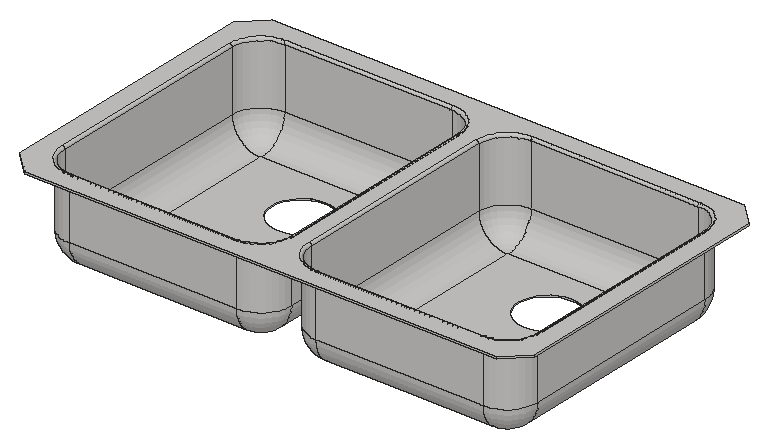
Revit family "Sink-Undermount-Acorn-DUADA-3118-55_Series", category Plumbing Fixtures, host Face, Revit 2019
Family settings
  Host = Face
  Round Connector Dimension = Use Diameter
  Part Type = Normal
  OmniClass Number = 23.45.05.14.14
  OmniClass Title = Sinks/Lavatories
  Cut with Voids When Loaded = No
  Shared = Yes
  Room Calculation Point = No
Parameters (values of type "DUADA-3118-55")
  Width = 30 3/4"  # constant formula
  Waste Connection = no
  WFU = 4  # constant formula
  Vent Connection = no
  URL = "https://www.acorneng.com/home"
  Type Comments = ""
  Product Page URL = ""
  Product Documentation Link = ""
  Model = "DUADA-3118-55"
  Material = "Stainless Steel-Acorn-Satin"  # constant formula
  Manufacturer = "Acorn"
  Length = 18 1/2"  # constant formula
  Installation Type = "Wall Mounted"
  Height = 5 1/2"  # constant formula
  HWFU = 3  # constant formula
  HW Connection = no
  Finish = Stainless Steel-Acorn-Satin
  Drain Opening Size = 3 1/2"
  Description = "Stainless Steel Undermount Sink"
  Default Elevation = 34"
  Creation Date = "23/12/2023"  # constant formula
  Compliance Certifications = "ASME A112.19.3/CSA B45.4, IAPMO® Certified"
  CWFU = 3  # constant formula
  CW Connection = no
  Bowl Width = 13 1/2"  # constant formula
  Bowl Length = 16"  # constant formula
  Assembly Code = "D2010440"
  ADA Compliant = yes
Reference planes (in)
  plane 1 "Center (Front/Back)": y = 0
  plane 2: z = 0
  plane 3 "Center (Left/Right)": x = 0
  plane 4: z = -5.5
  plane 5: z = 0
  plane 6: z = 0
  plane 7: z = 0
  plane 8: y = -18.5
  plane 9: y = -17.25
  plane 10: y = -1.25
  plane 11: y = -6.25
  plane 12: x = -7.375
  plane 13: x = 7.375
  plane 14: x = -15.375
  plane 15: x = 15.375
  plane 16: x = -14.125
  plane 17: x = -0.625
Forms (in)
  Extrusion 1, solid, material "Stainless Steel-Acorn-Satin" <- "Finish"
    sketch origin (-24.45094, 1.28976, -0.59717) x (1, 0, 0) y (0, 1, 0)
      loop
        circle (17.07594, -7.53976) r 1.75
      loop
        arc (12.07594, -4.22734) -> (12.03181, -4.24562) -> (12.01353, -4.28976) r 0.06242
        line (12.01353, -4.28976) -> (12.01353, -16.78976)
        arc (12.01353, -16.78976) -> (12.03181, -16.83389) -> (12.07594, -16.85218) r 0.06242
        line (12.07594, -16.85218) -> (22.07594, -16.85218)
        arc (22.07594, -16.85218) -> (22.12008, -16.83389) -> (22.13836, -16.78976) r 0.06242
        line (22.13836, -16.78976) -> (22.13836, -4.28976)
        arc (22.13836, -4.28976) -> (22.12008, -4.24562) -> (22.07594, -4.22734) r 0.06242
        line (22.07594, -4.22734) -> (12.07594, -4.22734)
    from -4.90302 to -4.84052
  Sweep 2, solid, material "Stainless Steel-Acorn-Satin" <- "Finish"
    path origin (-5.875, 0.4907, 0) x (1, 0, 0) y (0, 1, 0)
      loop
        line (-8.25, -3.4907) -> (-8.25, -15.9907)
        arc (-8.25, -15.9907) -> (-7.73744, -17.22814) -> (-6.5, -17.7407) r 1.75
        line (-6.5, -17.7407) -> (3.5, -17.7407)
        arc (3.5, -17.7407) -> (4.73744, -17.22814) -> (5.25, -15.9907) r 1.75
        line (5.25, -15.9907) -> (5.25, -3.4907)
        arc (5.25, -3.4907) -> (4.73744, -2.25326) -> (3.5, -1.7407) r 1.75
        line (3.5, -1.7407) -> (-6.5, -1.7407)
        arc (-6.5, -1.7407) -> (-7.73744, -2.25326) -> (-8.25, -3.4907) r 1.75
    profile origin (-14.125, -9.25, 0) x (1, 0, 0) y (0, 0, 1)
      loop
        line (-0.15271, 0) -> (-0.21339, 0) -> (-0.21339, -0.09698) -> (-0.11121, -0.09698)
        arc (-0.11121, -0.09698) -> (-0.07671, -0.11127) -> (-0.06242, -0.14578) r 0.0488
        line (-0.06242, -0.14578) -> (-0.06242, -3.75019)
        arc (-0.06242, -3.75019) -> (0.45015, -4.98762) -> (1.68758, -5.50019) r 1.75
        line (1.68758, -5.50019) -> (1.68758, -5.43769)
        arc (1.68758, -5.43769) -> (0.49434, -4.94343) -> (0.00008, -3.75019) r 1.6875
        line (0.00008, -3.75019) -> (0.00008, -0.15279)
        arc (0.00008, -0.15279) -> (-0.04467, -0.04475) -> (-0.15271, 0) r 0.15279
  Extrusion 3, solid, material "Stainless Steel-Acorn-Satin" <- "Finish"
    sketch origin (-5.875, 0.4907, -0.09698) x (1, 0, 0) y (0, 1, 0)
      loop
        line (-9.5, -1.7407) -> (-9.5, -17.7407) -> (-8.25, -18.9907) -> (20, -18.9907) -> (21.25, -17.7407) -> (21.25, -1.7407) -> (20, -0.4907) -> (-8.25, -0.4907) -> (-9.5, -1.7407)
      loop
        arc (-6.5, -1.52731) -> (-7.88833, -2.10238) -> (-8.46339, -3.4907) r 1.96339
        line (-8.46339, -3.4907) -> (-8.46339, -15.9907)
        arc (-8.46339, -15.9907) -> (-7.88833, -17.37903) -> (-6.5, -17.95409) r 1.96339
        line (-6.5, -17.95409) -> (3.5, -17.95409)
        arc (3.5, -17.95409) -> (4.88833, -17.37903) -> (5.46339, -15.9907) r 1.96339
        line (5.46339, -15.9907) -> (5.46339, -3.4907)
        arc (5.46339, -3.4907) -> (4.88833, -2.10238) -> (3.5, -1.52731) r 1.96339
        line (3.5, -1.52731) -> (-6.5, -1.52731)
      loop
        arc (18.25, -17.95409) -> (19.63833, -17.37903) -> (20.21339, -15.9907) r 1.96339
        line (20.21339, -15.9907) -> (20.21339, -3.4907)
        arc (20.21339, -3.4907) -> (19.63833, -2.10238) -> (18.25, -1.52731) r 1.96339
        line (18.25, -1.52731) -> (8.25, -1.52731)
        arc (8.25, -1.52731) -> (6.86167, -2.10238) -> (6.28661, -3.4907) r 1.96339
        line (6.28661, -3.4907) -> (6.28661, -15.9907)
        arc (6.28661, -15.9907) -> (6.86167, -17.37903) -> (8.25, -17.95409) r 1.96339
        line (8.25, -17.95409) -> (18.25, -17.95409)
    from 0 to 0.09698
  Extrusion 4, void
    sketch origin (-2.25, 0.2407, 0) x (1, 0, 0) y (0, 1, 0)
      loop
        line (-11.875, -0.2407) -> (-13.125, -1.4907) -> (-13.125, -17.4907) -> (-11.875, -18.7407) -> (16.375, -18.7407) -> (17.625, -17.4907) -> (17.625, -1.4907) -> (16.375, -0.2407) -> (-11.875, -0.2407)
    from -9.39189 to 0
  Extrusion 5, solid, material "Stainless Steel-Acorn-Satin" <- "Finish"
    sketch origin (24.45094, 1.28976, -0.59717) x (-1, 0, 0) y (0, -1, 0)
      loop
        circle (17.07594, 7.53976) r 1.75
      loop
        line (12.07594, 4.22734) -> (22.07594, 4.22734)
        arc (22.07594, 4.22734) -> (22.12008, 4.24562) -> (22.13836, 4.28976) r 0.06242
        line (22.13836, 4.28976) -> (22.13836, 16.78976)
        arc (22.13836, 16.78976) -> (22.12008, 16.83389) -> (22.07594, 16.85218) r 0.06242
        line (22.07594, 16.85218) -> (12.07594, 16.85218)
        arc (12.07594, 16.85218) -> (12.03181, 16.83389) -> (12.01353, 16.78976) r 0.06242
        line (12.01353, 16.78976) -> (12.01353, 4.28976)
        arc (12.01353, 4.28976) -> (12.03181, 4.24562) -> (12.07594, 4.22734) r 0.06242
    from -4.90302 to -4.84052
  Sweep 6, solid, material "Stainless Steel-Acorn-Satin" <- "Finish"
    path origin (5.875, 0.4907, 0) x (-1, 0, 0) y (0, -1, 0)
      loop
        arc (-8.25, 3.4907) -> (-7.73744, 2.25326) -> (-6.5, 1.7407) r 1.75
        line (-6.5, 1.7407) -> (3.5, 1.7407)
        arc (3.5, 1.7407) -> (4.73744, 2.25326) -> (5.25, 3.4907) r 1.75
        line (5.25, 3.4907) -> (5.25, 15.9907)
        arc (5.25, 15.9907) -> (4.73744, 17.22814) -> (3.5, 17.7407) r 1.75
        line (3.5, 17.7407) -> (-6.5, 17.7407)
        arc (-6.5, 17.7407) -> (-7.73744, 17.22814) -> (-8.25, 15.9907) r 1.75
        line (-8.25, 15.9907) -> (-8.25, 3.4907)
    profile origin (14.125, -9.25, 0) x (1, 0, 0) y (0, 0, 1)
      loop
        arc (0.15271, 0) -> (0.04467, -0.04475) -> (-0.00008, -0.15279) r 0.15279
        line (-0.00008, -0.15279) -> (-0.00008, -3.75019)
        arc (-0.00008, -3.75019) -> (-0.49434, -4.94343) -> (-1.68758, -5.43769) r 1.6875
        line (-1.68758, -5.43769) -> (-1.68758, -5.50019)
        arc (-1.68758, -5.50019) -> (-0.45015, -4.98762) -> (0.06242, -3.75019) r 1.75
        line (0.06242, -3.75019) -> (0.06242, -0.14578)
        arc (0.06242, -0.14578) -> (0.07671, -0.11127) -> (0.11121, -0.09698) r 0.0488
        line (0.11121, -0.09698) -> (0.21339, -0.09698) -> (0.21339, 0) -> (0.15271, 0)
Cuts and joins
  joined: Extrusion 1, Sweep 2, Extrusion 3, Extrusion 5, Sweep 6
Dimensions and locks (in)
  host face to plane 4 = 5 1/2"
  "Length": plane 8 to plane 1 "Center (Front/Back)"
  plane 9 to plane 8 = 1 1/4"
  "Bowl Length": plane 10 to plane 9
  plane 10 to plane 11 = 5"
  plane 12 to plane 13 = 14 3/4"
  plane 14 to plane 12 = 8"
  plane 13 to plane 15 = 8"
  "Width": plane 14 to plane 15
  "Bowl Width": plane 16 to plane 17
  level to plane 4 = 5 1/2"
  aligned and locked: host face to plane 2
  aligned and locked: host face to level
  aligned and locked: plane 11 to Extrusion 1 sketch curve
  aligned and locked: level to Extrusion 4
  aligned and locked: plane 12 to Extrusion 1 sketch curve
Automatic sketch dimensions
  host sketch curve to host sketch curve = 161.60125"
  host sketch curve to host sketch curve = 96"
  plane 16 to Extrusion 1 sketch curve = 1 3/4"  (x2)
  Extrusion 1 sketch curve to Extrusion 1 sketch curve = 0.06242"  (x2)
  plane 17 to Extrusion 1 sketch curve = 1 3/4"  (x2)
  plane 9 to Extrusion 1 sketch curve = 1 3/4"
  Extrusion 1 sketch curve to plane 10 = 1 3/4"
  Sweep 2 sketch curve to plane 16 = 0"
  Sweep 2 sketch curve to plane 10 = 0"
  Sweep 2 sketch curve to plane 9 = 0"
  Sweep 2 sketch curve to plane 17 = 0"
  Sweep 2 sketch curve to Sweep 2 sketch curve = 1 3/4"
  plane 16 to Sweep 2 sketch curve = 1 3/4"
  plane 17 to Sweep 2 sketch curve = 1 3/4"
  Sweep 2 sketch curve to plane 10 = 1 3/4"
  Sweep 2 sketch curve to Sweep 2 sketch curve = 0"  (x2)
  Sweep 2 sketch curve to profile plane = 0"
  profile plane to Sweep 2 sketch curve = 0.21339"
  Sweep 2 sketch curve to Sweep 2 sketch curve = 0.06068"
  Sweep 2 sketch curve to Sweep 2 sketch curve = 0.0415"
  profile plane to Sweep 2 sketch curve = 0.06242"
  Sweep 2 sketch curve to profile plane = 0.00008"
  Sweep 2 sketch curve to Sweep 2 sketch curve = 1 11/16"
  Sweep 2 sketch curve to profile plane = 3.75019"
  Sweep 2 sketch curve to Sweep 2 sketch curve = 0.00701"
  Extrusion 3 sketch curve to plane 9 = 0"  (x2)
  Extrusion 3 sketch curve to plane 14 = 0"
  Extrusion 3 sketch curve to plane 8 = 0"
  Extrusion 3 sketch curve to plane 16 = 0"  (x2)
  plane 1 "Center (Front/Back)" to Extrusion 3 sketch curve = 0"
  Extrusion 3 sketch curve to plane 15 = 0"
  Extrusion 3 sketch curve to plane 10 = 0"  (x2)
  Extrusion 3 sketch curve to plane 16 = 0.21339"
  plane 10 to Extrusion 3 sketch curve = 0.21339"
  plane 16 to Extrusion 3 sketch curve = 1 3/4"  (x2)
  Extrusion 3 sketch curve to plane 9 = 0.21339"  (x2)
  Extrusion 3 sketch curve to plane 15 = 3"
  Extrusion 3 sketch curve to plane 15 = 1 1/4"  (x2)
  Extrusion 3 sketch curve to plane 15 = 1.03661"
  Extrusion 4 sketch curve to plane 9 = 0"  (x2)
  Extrusion 4 sketch curve to plane 14 = 0"
  Extrusion 4 sketch curve to plane 8 = 0"
  Extrusion 4 sketch curve to plane 16 = 0"  (x2)
  plane 1 "Center (Front/Back)" to Extrusion 4 sketch curve = 0"
  Extrusion 4 sketch curve to plane 15 = 0"
  Extrusion 4 sketch curve to plane 10 = 0"  (x2)
  Extrusion 4 sketch curve to plane 15 = 1 1/4"  (x2)
  Extrusion 5 sketch curve to plane 11 = 0"
  Extrusion 5 sketch curve to plane 13 = 0"
  Extrusion 5 sketch curve to plane 15 = 3"  (x2)
  Extrusion 5 sketch curve to Extrusion 5 sketch curve = 0.06242"  (x2)
  plane 3 "Center (Left/Right)" to Extrusion 5 sketch curve = 2 3/8"  (x2)
  Extrusion 5 sketch curve to plane 10 = 1 3/4"
  plane 9 to Extrusion 5 sketch curve = 1 3/4"
  Sweep 6 sketch curve to plane 10 = 0"
  Sweep 6 sketch curve to plane 9 = 0"
  Sweep 6 sketch curve to plane 15 = 1 1/4"
  Sweep 6 sketch curve to Sweep 6 sketch curve = 1 3/4"  (x2)
  plane 3 "Center (Left/Right)" to Sweep 6 sketch curve = 2 3/8"  (x2)
  plane 3 "Center (Left/Right)" to Sweep 6 sketch curve = 5/8"
  Sweep 6 sketch curve to Sweep 6 sketch curve = 0"  (x2)
  Sweep 6 sketch curve to profile plane = 0"
  profile plane to Sweep 6 sketch curve = 1.68758"
  profile plane to Sweep 6 sketch curve = 0.00008"
  Sweep 6 sketch curve to profile plane = 0.06242"
  Sweep 6 sketch curve to Sweep 6 sketch curve = 0.0488"
  Sweep 6 sketch curve to Sweep 6 sketch curve = 0.0415"
  Sweep 6 sketch curve to Sweep 6 sketch curve = 0.06068"
  Sweep 6 sketch curve to profile plane = 3.75019"
  Sweep 6 sketch curve to Sweep 6 sketch curve = 0.00701"
  plane 17 to Extrusion 3 sketch curve = 1 3/4"  (x2)
  plane 3 "Center (Left/Right)" to Extrusion 3 sketch curve = 0.41161"
  plane 9 to Extrusion 3 sketch curve = 1 3/4"
  Extrusion 3 sketch curve to Extrusion 3 sketch curve = 0"
  Extrusion 3 sketch curve to plane 17 = 0.21339"
  Extrusion 3 sketch curve to Extrusion 3 sketch curve = 1.96339"
  Extrusion 3 sketch curve to plane 10 = 1 3/4"
  radius of Extrusion 1 sketch curve = 1 3/4"
  radius of Extrusion 5 sketch curve = 1 3/4"
